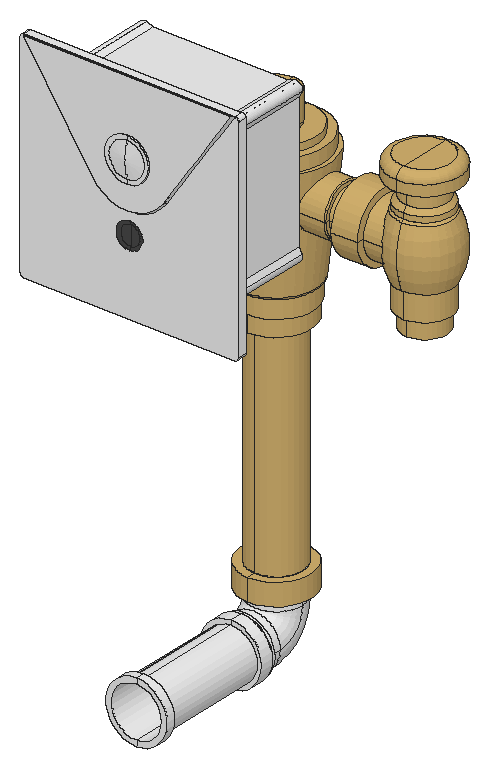
Revit family "xFlush_Valve-Toilet-American_Standard-Concealed-Back_Spud_Series", category Plumbing Fixtures, Revit 2014
Parameters (values of type "606B.212")
  Waste Connection = no
  Warranty Information = "1 Year Limited Warranty"
  WFU = 0
  Vent Connection = no
  Valve Distance From Finished Wall = 5"
  URL = "http://www.americanstandard-us.com/"
  Type Comments = "Power Kits Must Be Purchased Separately."
  Tube Length = 11 3/8"
  Product URL = "https://www.americanstandard-us.com/bathroom/commercial-flushometers/selectronic-concealed-toilet-flush-valve-for-wall-hung-back-spud-bowls-28613"
  Product Documentation Link = "https://www.americanstandard-us.com/-/media/sites/asus/files/product-specs/commercial-flush-valves/spec-sheet-606b22-selectronic-concealed-toilet-fv-small-box-back-spud.pdf?la=en"
  Price = "Prices may vary. Please consult Manufacturer Representative for most up-to-date price list."  # constant formula
  PK00.WRK - PWRX 10-Year Battery - Power Kit = no
  PK00.PAC - Plug-In AC- Power Kit = no
  PK00.MAC - Multi-AC - Power Kit = no
  PK00.HAC - Hard Wired AC - Power Kit = no
  PK00.CRP-P2 Lithium Battery - Power Kit = no
  PK00.BBU - Battery Back-Up = yes
  Model = "606B.212"
  Material = "Metal-American Standard-002-Polished Chrome"
  Manufacturer = "American Standard"  # constant formula
  Installation Type = "Concealed, Back Spud"  # constant formula
  HWFU = 0
  HW Connection = no
  Flush Rate = "1.1 gpf/4.2 Lpf"
  Description = "Selectronic Sensor Operated Concealed Toilet Flush Valve"  # constant formula
  Default Elevation = 0"
  Creation Date = "09/21/2016"  # constant formula
  Cold Water Connection Width = 4 1/4"
  Cold Water Connection Radius = 1/2"
  Cold Water Connection Diameter = Cold Water Connection Radius * 2  # 1"
  CWFU = 10
  CW Connection = yes
  Assembly Code = "D2020300"
  ADA Compliant = yes
Types (4): name | Model | Flush Rate
  (no name) | "606B.212" | "1.1 gpf/4.2 Lpf"
  606B.262 | "606B.262" | "1.6 gpf/6.0 Lpf"
  606B.222 | "606B.222" | "1.28 gpf/4.8 Lpf"
  606B.212 | "606B.212" | "1.1 gpf/4.2 Lpf"
Reference planes (in)
  plane 1 "Center (Front/Back)": y = -3.78125
  plane 2: z = 0
  plane 3 "Center (Left/Right)": x = 0
  plane 4: z = 11.375
  plane 5: y = 1.21875
  plane 6: x = 4.25
  plane 7: z = 1.07052
  plane 8: y = -0.28125
  plane 9: y = -0.78125
  plane 10: y = -4.28125
  plane 11: z = 13.82052
  plane 12: z = 13.07052
  plane 13: z = 12.94552
  plane 14: z = 12.75802
  plane 15: z = 12.38325
  plane 16: z = 9.00825
  plane 17: z = 8.977
  plane 18: z = 8.477
  plane 19: z = 8.44523
  plane 20: z = 7.977
  plane 21: z = 1.69552
  plane 22: y = 0.10062
  plane 23: y = -0.02438
  plane 24: y = 0.01113
  plane 25: x = 0.75
  plane 26: x = -0.75
  plane 27: y = -0.39938
  plane 28: y = 0.59375
  plane 29: y = 0.62575
  plane 30: y = 0.09315
  plane 31: y = -0.15685
  plane 32: y = 0.21875
  plane 33: y = 0.15625
  plane 34: y = 0.21431
  plane 35: y = 0.46875
  plane 36: y = 0.21875
  plane 37: z = 1.69552
  plane 38: z = 1.9375
  plane 39: z = 2.4375
  plane 40: z = 10.1875
  plane 41: x = -3.125
  plane 42: x = 3.125
  plane 43: z = 0.71875
Forms (in)
  Revolve 1, solid, material "Brass-American Standard-Satin"
    sketch origin (0, 1.21875, -28.14848) x (0, 0, -1) y (0, -1, 0)
      loop
        line (-29.21901, 0) -> (-29.21901, 1) -> (-29.84401, 1) -> (-29.84401, 0.75) -> (-36.12548, 0.75) -> (-36.12548, 1) -> (-36.59371, 1) -> (-36.62548, 1.0625) -> (-37.12548, 1.0625) -> (-37.12548, 1.00444) -> (-37.15673, 1.00444) -> (-37.15673, 1.07613)
        arc (-37.15673, 1.07613) -> (-37.17073, 1.11554) -> (-37.20645, 1.1373) r 0.0625
        arc (-37.20645, 1.1373) -> (-38.86025, 1.39965) -> (-40.53173, 1.5) r 17.20619
        line (-40.53173, 1.5) -> (-40.53173, 1.3756) -> (-40.90651, 1.3756) -> (-40.90651, 1.1256) -> (-41.09401, 1.1256) -> (-41.09401, 0.593) -> (-41.21901, 0.593) -> (-41.21901, 0.625) -> (-41.96901, 0.625) -> (-41.96901, 0) -> (-29.21901, 0)
      axis (-41.96901, 0) -> (-29.21901, 0)
    angle from 0 to 360
  Revolve 2, solid, material "Metal-American Standard-002-Polished Chrome"
    sketch origin (0, 0, 0) x (0, 1, 0) y (0, 0, 1)
      loop
        line (0.10062, 0.8408) -> (0.01113, 0.8408) -> (-0.02438, 0.87632) -> (-0.39938, 0.87632) -> (-0.39938, 0.75) -> (-3.53125, 0.75) -> (-3.53125, 0.87632) -> (-3.78125, 0.87632) -> (-3.78125, 0.71875) -> (-0.39938, 0.71875) -> (-0.39938, 0) -> (0.10062, 0) -> (0.10062, 0.8408)
      axis (0.10062, 0) -> (-3.78125, 0)
    angle from 0 to 360
  Sweep 3, solid, material "Metal-American Standard-002-Polished Chrome"
    path origin (0, 0, 0) x (0, 1, 0) y (0, 0, 1)
      loop
        line (1.21875, 1.69552) -> (1.21875, 0.8)
        arc (1.21875, 0.8) -> (0.98444, 0.23431) -> (0.41875, 0) r 0.8
        line (0.41875, 0) -> (0.10062, 0)
    profile origin (0, 1.21875, 1.24776) x (1, 0, 0) y (0, 1, 0)
      loop
        circle (0, 0) r 0.75
  Revolve 4, solid, material "Brass-American Standard-Satin"
    sketch origin (4.25, -180, 102.71882) x (0, 0, 1) y (0, -1, 0)
      loop
        line (-89.08642, -181.21875) -> (-89.08642, -180.46875)
        arc (-89.08642, -180.46875) -> (-89.15964, -180.29197) -> (-89.33642, -180.21875) r 0.25
        line (-89.33642, -180.21875) -> (-89.63846, -180.21875) -> (-89.63846, -180.28125) -> (-89.40488, -180.28125) -> (-89.40488, -180.71875) -> (-89.55363, -180.71875) -> (-89.55363, -181.03125) -> (-89.67757, -181.03125) -> (-89.67757, -181.125) -> (-89.76951, -181.125) -> (-89.76951, -180.59375) -> (-90.14451, -180.59375) -> (-90.29708, -180.46875) -> (-90.45384, -180.46875) -> (-90.51951, -180.41697)
        arc (-90.51951, -180.41697) -> (-91.39451, -180.21833) -> (-92.26951, -180.41697) r 2.02641
        line (-92.26951, -180.41697) -> (-92.26951, -180.46875) -> (-93.01951, -180.46875) -> (-93.01951, -180.59375) -> (-93.51951, -180.59375) -> (-93.51951, -180.71875) -> (-92.26951, -180.71875) -> (-92.26951, -181.21875) -> (-89.08642, -181.21875)
      axis (-89.08642, -181.21875) -> (-93.51951, -181.21875)
    angle from 0 to 360
  Revolve 5, solid, material "Brass-American Standard-Satin"
    sketch origin (-8.47849, 1.2, 11.375) x (-1, 0, 0) y (0, -1, 0)
      loop
        line (-8.47849, -0.01875) -> (-12.72849, -0.01875) -> (-12.72849, -0.83125) -> (-11.60349, -0.83125) -> (-11.60349, -1.01875) -> (-10.85349, -1.01875) -> (-10.85349, -0.64375) -> (-10.48636, -0.64375) -> (-10.48636, -0.73859)
        arc (-10.48636, -0.73859) -> (-10.47753, -0.75992) -> (-10.4562, -0.76875) r 0.03016
        line (-10.4562, -0.76875) -> (-8.47849, -0.76875) -> (-8.47849, -0.01875)
      axis (-12.72849, -0.01875) -> (-8.47849, -0.01875)
    angle from 0 to 360
  Extrusion 6, solid, material "Metal-American Standard-002-Polished Chrome"
    sketch origin (-0.00148, -3.23242, -51.24145) x (-1, 0, 0) y (0, 0, -1)
      loop
        line (1.92848, -66.81539) -> (2.09512, -66.88272)
        arc (2.09512, -66.88272) -> (2.2819, -66.84472) -> (2.3199, -66.65794) r 0.17267
        line (2.3199, -66.65794) -> (2.24852, -66.48128) -> (2.24852, -62.64949) -> (2.3199, -62.47283)
        arc (2.3199, -62.47283) -> (2.2819, -62.28606) -> (2.09512, -62.24806) r 0.17267
        line (2.09512, -62.24806) -> (1.92848, -62.31539) -> (-1.93143, -62.31539) -> (-2.09808, -62.24806)
        arc (-2.09808, -62.24806) -> (-2.28485, -62.28606) -> (-2.32285, -62.47283) r 0.17267
        line (-2.32285, -62.47283) -> (-2.25148, -62.64949) -> (-2.25148, -66.48128) -> (-2.32285, -66.65794)
        arc (-2.32285, -66.65794) -> (-2.28485, -66.84472) -> (-2.09808, -66.88272) r 0.17267
        line (-2.09808, -66.88272) -> (-1.93143, -66.81539) -> (1.92848, -66.81539)
      loop
        circle (-2.17423, -66.73906) r 0.0625
      loop
        circle (2.17128, -66.73906) r 0.0625
      loop
        circle (-2.17423, -62.39172) r 0.0625
      loop
        circle (2.17128, -62.39172) r 0.0625
    from -2.45117 to 0.54883
  Revolve 7, void
    sketch origin (0, -1.92024, -48.92606) x (0, 1, 0) y (0, 0, 1)
      loop
        line (-2.11101, 60.875) -> (-2.07901, 60.96794) -> (-2.07901, 61.25) -> (-2.11101, 61.25) -> (-2.11101, 60.875)
      axis (-2.11101, 61.25) -> (-2.07164, 61.25)
    angle from 0 to 360
  Extrusion 8, solid, material "Metal-American Standard-002-Polished Chrome"
    sketch origin (0, -3.78125, -48.92606) x (1, 0, 0) y (0, 0, 1)
      loop
        line (-3.01563, 59.11356) -> (3.01563, 59.11356)
        arc (3.01563, 59.11356) -> (3.09296, 59.14559) -> (3.125, 59.22293) r 0.10937
        line (3.125, 59.22293) -> (3.125, 65.255)
        arc (3.125, 65.255) -> (3.0932, 65.33176) -> (3.01644, 65.36356) r 0.10856
        line (3.01644, 65.36356) -> (-3.01563, 65.36356)
        arc (-3.01563, 65.36356) -> (-3.09296, 65.33152) -> (-3.125, 65.25418) r 0.10938
        line (-3.125, 65.25418) -> (-3.125, 59.22293)
        arc (-3.125, 59.22293) -> (-3.09296, 59.14559) -> (-3.01563, 59.11356) r 0.10938
    from 0 to 0.25
  Blend 9, solid, material "Metal-American Standard-002-Polished Chrome"
    base sketch origin (0.00084, -3.70149, -51.27605) x (-1, 0, 0) y (0, 0, -1)
      loop
        line (3.01415, -67.71355) -> (1.05993, -64.80112)
        arc (1.05993, -64.80112) -> (-0.00148, -64.23511) -> (-1.06288, -64.80112) r 1.2782
        line (-1.06288, -64.80112) -> (-3.0171, -67.71355) -> (3.01415, -67.71355)
    top sketch origin (0.00084, -3.70149, -51.27605) x (-1, 0, 0) y (0, 0, -1)
      loop
        arc (1.03259, -64.82702) -> (-0.00013, -64.27638) -> (-1.03274, -64.82724) r 1.2435
        line (-1.03274, -64.82724) -> (-2.96855, -67.71355) -> (2.96943, -67.71355) -> (1.03259, -64.82702)
    from 0.32976 to 0.40191
  Revolve 10, solid, material "Metal-American Standard-002-Polished Chrome"
    sketch origin (0, -55.18977, -21.784) x (0, 1, 0) y (0, 0, 1)
      loop
        line (51.08637, 36.10795) -> (51.08637, 36.73295) -> (51.05437, 36.73295) -> (51.05437, 36.60795)
        arc (51.05437, 36.60795) -> (51.01513, 36.35931) -> (51.002, 36.10795) r 2.41307
        line (51.002, 36.10795) -> (51.08637, 36.10795)
      axis (51.002, 36.10795) -> (51.08637, 36.10795)
    angle from 0 to 360
Cuts and joins
  joined: Revolve 2, Sweep 3
  Revolve 7 cuts Extrusion 8
Lines and regions (in)
  Masking region 1
    outline origin (-8.47849, 1.2, 11.375) x (-1, 0, 0) y (0, -1, 0)
      loop
        line (-7.60217, 1.19865) -> (-7.60217, 1.59938) -> (-9.35481, 1.59938) -> (-9.35481, 1.19865)
        arc (-9.35481, 1.19865) -> (-9.59091, 0.98749) -> (-9.77741, 0.73145) r 1.5
        line (-9.77741, 0.73145) -> (-10.48636, 0.73145) -> (-10.48636, 0.60629) -> (-10.85349, 0.60629) -> (-10.85349, 0.98125) -> (-11.60349, 0.98125) -> (-11.60349, 0.7944) -> (-12.14643, 0.7944)
        arc (-12.14643, 0.7944) -> (-13.72849, -0.01875) -> (-12.14643, -0.8319) r 1
        line (-12.14643, -0.8319) -> (-11.60349, -0.8319) -> (-11.60349, -1.01875) -> (-10.85349, -1.01875) -> (-10.85349, -0.64379) -> (-10.48636, -0.64379) -> (-10.48636, -0.76895) -> (-9.77741, -0.76895)
        arc (-9.77741, -0.76895) -> (-7.47225, -1.13118) -> (-7.60217, 1.19865) r 1.5
  Masking region 2
    outline origin (-8.47849, 1.2, 11.375) x (-1, 0, 0) y (0, -1, 0)
      loop
        line (-10.81244, 1.98125) -> (-9.22849, 1.98125) -> (-9.22849, 1.59938) -> (-7.72849, 1.59938) -> (-7.72849, 1.98125) -> (-6.14454, 1.98125) -> (-6.14454, 4.98125) -> (-5.35349, 4.98125) -> (-5.35349, 5.23125) -> (-5.46825, 5.23125) -> (-5.50991, 5.3034) -> (-7.67564, 5.3034) -> (-7.67564, 5.3354) -> (-8.00094, 5.3354)
        arc (-8.00094, 5.3354) -> (-8.50094, 5.38937) -> (-9.00094, 5.3354) r 2.34324
        line (-9.00094, 5.3354) -> (-9.28134, 5.3354) -> (-9.28134, 5.3034) -> (-11.44789, 5.3034) -> (-11.49841, 5.23125) -> (-11.60349, 5.23125) -> (-11.60349, 4.98125) -> (-10.81244, 4.98125) -> (-10.81244, 1.98125)
  symbolic lines, detail levels medium+fine
    curve 1: circle (0, 1.21875, 11.375) r 0.625 normal (0, 0, 1)
    curve 2: arc (1.29892, 1.96895, 11.375) -> (1.5, 1.21875, 11.375) -> (1.29892, 0.46855, 11.375) r 1.5
    curve 3: arc (0.87632, 0.00135, 11.375) -> (0, -0.28125, 11.375) -> (-0.87632, 0.00135, 11.375) r 1.5
    curve 6: line (0.75, -0.39938, 11.375) -> (0.75, -3.78125, 11.375)
    curve 7: line (-0.75, -3.78125, 11.375) -> (-0.75, -0.39938, 11.375)
    curve 8: line (2.32137, -3.78125, 11.375) -> (-2.33395, -3.78125, 11.375)
    curve 9: line (2.33395, -0.78125, 11.375) -> (-2.33395, -0.78125, 11.375)
    curve 10: line (-0.80285, -4.1034, 11.375) -> (0.80285, -4.1034, 11.375)
    curve 17: line (2.00788, 1.84379, 11.375) -> (2.00788, 0.59371, 11.375)
    curve 18: line (2.375, 1.84379, 11.375) -> (2.375, 0.59371, 11.375)
    curve 19: line (3.125, 2.0319, 11.375) -> (3.125, 0.40625, 11.375)
    curve 20: arc (3.66794, 0.4056, 11.375) -> (3.25, 1.21875, 11.375) -> (3.66794, 2.0319, 11.375) r 1
  symbolic lines, detail levels fine
    curve 4: circle (0, 1.21875, 11.375) r 1.1256 normal (0, 0, 1)
    curve 5: circle (0, 1.21875, 11.375) r 1.3756 normal (0, 0, 1)
    curve 11: line (-1.92995, -0.78125, 11.375) -> (-1.92995, -3.78125, 11.375)
    curve 12: line (1.92995, -3.78125, 11.375) -> (1.92995, -0.78125, 11.375)
    curve 13: line (-3.125, -4.03125, 11.375) -> (3.125, -4.03125, 11.375)
    curve 14: line (-0.80285, -4.1354, 11.375) -> (0.80285, -4.1354, 11.375)
    curve 15: line (-0.80285, -4.1354, 11.375) -> (-0.80285, -4.1034, 11.375)
    curve 16: line (0.80285, -4.1354, 11.375) -> (0.80285, -4.1034, 11.375)
Dimensions and locks (in)
  "Cold Water Connection Width": plane 6 to plane 3 "Center (Left/Right)"
  plane 11 to plane 12 to plane 13 to plane 14 to plane 15 to plane 4 to plane 16 to plane 17 to plane 18 to plane 19 to plane 20 = 3/4" locked, 1/8" locked, 3/16" locked, 0.37478" locked, 1.00825" locked, 2.36675" locked, 1/32" locked, 1/2" locked, 0.03177" locked, 0.46823" locked
  "Tube Length": plane 4 to plane 2
  locked: plane 1 "Center (Front/Back)" to plane 10 at 0.5
  locked: plane 5 to plane 22 at 1.11813
  plane 22 to plane 24 to plane 23 = 0.08948" locked, 0.03552" locked
  locked: plane 23 to plane 27 at 0.375
  "Valve Distance From Finished Wall": plane 5 to plane 1 "Center (Front/Back)"
  plane 5 to plane 29 to plane 28 to plane 30 to plane 31 to plane 8 = 0.593" locked, 0.032" locked, 0.5006" locked, 1/4" locked, 0.1244" locked
  plane 5 to plane 35 to plane 32 to plane 36 to plane 34 to plane 33 = 3/4" locked, 1/4" locked, 0" locked, 0.00444" locked, 0.05806" locked
  locked: Masking region 1 sketch curve to Masking region 1 sketch curve at 0.75
  locked: plane 3 "Center (Left/Right)" to Revolve 5 sketch curve at 2.00788
  Revolve 5 sketch curve to Revolve 5 sketch curve to plane 6 = 3/4" locked, 1 1/8" locked
  aligned and locked: Revolve 2 sketch curve to level
  aligned and locked: plane 5 to Sweep 3 sketch curve
  aligned and locked: plane 2 to Sweep 3 sketch curve
  aligned and locked: Revolve 2 sketch curve to plane 22
  aligned and locked: plane 24 to Revolve 2 sketch curve
  aligned and locked: plane 23 to Revolve 2 sketch curve
  aligned and locked: Revolve 1 sketch curve to plane 28
  aligned and locked: Revolve 1 sketch curve to plane 29
  aligned and locked: Revolve 1 sketch curve to plane 30
  aligned and locked: Revolve 1 sketch curve to plane 31
  aligned and locked: plane 8 to Revolve 1 sketch curve
  aligned and locked: plane 33 to Revolve 1 sketch curve
  aligned and locked: Revolve 1 sketch curve to plane 34
  aligned and locked: plane 32 to Revolve 1 sketch curve
  aligned and locked: Revolve 1 sketch curve to plane 35
  aligned and locked: plane 36 to Revolve 1 sketch curve
  aligned and locked: Revolve 1 sketch curve to plane 5
  aligned and locked: Revolve 1 sketch curve to Revolve 1 sketch curve
  aligned and locked: plane 37 to Sweep 3 sketch curve
  aligned and locked: Masking region 1 sketch curve to Masking region 1 sketch curve  (x2)
  aligned and locked: curve 1 to Revolve 1
  aligned and locked: curve 2 to Revolve 1
  aligned and locked: curve 3 to Revolve 1
  aligned and locked: curve 4 to Revolve 1
  aligned and locked: curve 5 to Revolve 1
  aligned and locked: curve 6 to plane 25
  aligned and locked: curve 7 to plane 26
  aligned and locked: Masking region 1 to cut or joined group of Revolve 2, Sweep 3
  aligned and locked: cut or joined group of Revolve 7, Extrusion 8 to plane 1 "Center (Front/Back)"
  aligned and locked: Masking region 2 sketch curve to Extrusion 6
  aligned and locked: cut or joined group of Revolve 7, Extrusion 8 to Masking region 2 sketch curve
  aligned and locked: cut or joined group of Revolve 2, Sweep 3 to Masking region 2 sketch curve
  aligned and locked: Masking region 2 sketch curve to cut or joined group of Revolve 7, Extrusion 8
  aligned and locked: cut or joined group of Revolve 7, Extrusion 8 to curve 8
  aligned and locked: curve 9 to Extrusion 6
  aligned and locked: curve 11 to Extrusion 6
  aligned and locked: curve 12 to Extrusion 6
  aligned and locked: curve 13 to cut or joined group of Revolve 7, Extrusion 8
  aligned and locked: plane 42 to Extrusion 8 sketch curve
  aligned and locked: plane 1 "Center (Front/Back)" to cut or joined group of Revolve 2, Sweep 3
  aligned and locked: plane 3 "Center (Left/Right)" to Revolve 5 sketch curve
  aligned and locked: plane 6 to Revolve 5 sketch curve
  aligned and locked: Masking region 1 to Revolve 5  (x3)
  aligned and locked: Revolve 5 to curve 18
  aligned and locked: Revolve 5 to curve 19
  aligned and locked: curve 20 to Revolve 4
Automatic sketch dimensions
  Revolve 1 sketch curve to plane 11 = 0"
  Revolve 1 sketch curve to plane 12 = 0"
  Revolve 1 sketch curve to plane 13 = 0"
  Revolve 1 sketch curve to plane 14 = 0"
  Revolve 1 sketch curve to plane 15 = 0"
  Revolve 1 sketch curve to plane 16 = 0"
  Revolve 1 sketch curve to plane 17 = 0"
  Revolve 1 sketch curve to plane 18 = 0"
  Revolve 1 sketch curve to plane 19 = 0"
  Revolve 1 sketch curve to plane 20 = 0"
  Revolve 1 sketch curve to plane 21 = 0"
  Revolve 1 sketch curve to plane 7 = 0"
  Revolve 1 sketch curve to plane 14 = 0.1806"
  Revolve 1 sketch curve to plane 33 = 0.01363"
  Revolve 1 sketch curve to Revolve 1 sketch curve = 1/16"
  plane 5 to Revolve 1 sketch curve = 15.7051"
  level to Revolve 1 sketch curve = 0.43421"
  level to Revolve 1 sketch curve = 0.18421"
  Sweep 3 sketch curve to plane 5 = 0.8"
  Sweep 3 sketch curve to plane 3 "Center (Left/Right)" = 0"
  profile plane to Sweep 3 sketch curve = 0"
  Revolve 4 sketch curve to plane 5 = 0"  (x2)
  Revolve 4 sketch curve to plane 5 = 1/2"
  Revolve 4 sketch curve to plane 4 = 2.17568"
  Revolve 4 sketch curve to Revolve 4 sketch curve = 1/2"
  Revolve 4 sketch curve to Revolve 4 sketch curve = 3/4"
  Revolve 4 sketch curve to Revolve 4 sketch curve = 0"
  Revolve 4 sketch curve to plane 4 = 0.05068"
  plane 4 to Revolve 4 sketch curve = 0.82432"
  Revolve 4 sketch curve to Revolve 4 sketch curve = 0.06567"
  Revolve 4 sketch curve to Revolve 4 sketch curve = 0.15676"
  Revolve 4 sketch curve to Revolve 4 sketch curve = 0.15257"
  Revolve 4 sketch curve to plane 5 = 3/32"
  Revolve 4 sketch curve to Revolve 4 sketch curve = 3/8"
  Revolve 4 sketch curve to Revolve 4 sketch curve = 0.09194"
  Revolve 4 sketch curve to Revolve 4 sketch curve = 0.13105"
  Revolve 4 sketch curve to Revolve 4 sketch curve = 0.21587"
  Revolve 4 sketch curve to Revolve 4 sketch curve = 0.14875"
  Revolve 4 sketch curve to Revolve 4 sketch curve = 0.06847"
  Revolve 4 sketch curve to Revolve 4 sketch curve = 1/4"  (x2)
  plane 5 to Revolve 4 sketch curve = 1.02599"
  Revolve 4 sketch curve to Revolve 4 sketch curve = 3/32"
  Revolve 4 sketch curve to Revolve 4 sketch curve = 5/16"
  Revolve 4 sketch curve to Revolve 4 sketch curve = 1/8"  (x4)
  Revolve 4 sketch curve to Revolve 4 sketch curve = 0.05178"
  Revolve 4 sketch curve to Revolve 4 sketch curve = 1/16"
  Revolve 4 sketch curve to Revolve 4 sketch curve = 0.26877"
  Masking region 1 sketch curve to Masking region 1 sketch curve = 0"  (x2)
  Masking region 1 sketch curve to plane 3 "Center (Left/Right)" = 0"
  Masking region 1 sketch curve to plane 5 = 0"
  Masking region 1 sketch curve to plane 6 = 0.58206"  (x2)
  Masking region 1 sketch curve to Masking region 1 sketch curve = 0.36712"  (x2)
  plane 25 to Masking region 1 sketch curve = 0.54892"  (x2)
  plane 25 to Masking region 1 sketch curve = 0.12632"
  plane 26 to Masking region 1 sketch curve = 0.12632"
  plane 5 to Masking region 1 sketch curve = 0.62504"
  Masking region 1 sketch curve to Masking region 1 sketch curve = 0.12516"  (x2)
  plane 5 to Masking region 1 sketch curve = 0.81315"
  Masking region 1 sketch curve to Masking region 1 sketch curve = 0.18685"  (x2)
  Masking region 1 sketch curve to plane 5 = 0.62504"
  Masking region 1 sketch curve to Masking region 1 sketch curve = 0.37496"
  Masking region 1 sketch curve to plane 9 = 0.38187"
  Revolve 4 sketch curve to Revolve 4 sketch curve = 1.82129"
  Sweep 3 sketch curve to Sweep 3 sketch curve = 0.31813"
  plane 25 to Extrusion 6 sketch curve = 1.57137"  (x2)
  Extrusion 6 sketch curve to Extrusion 6 sketch curve = 0.07137"
  Extrusion 6 sketch curve to Extrusion 6 sketch curve = 0.14862"  (x4)
  Extrusion 6 sketch curve to Extrusion 6 sketch curve = 0.01148"  (x4)
  Extrusion 6 sketch curve to Extrusion 6 sketch curve = 0.07616"  (x2)
  plane 40 to Extrusion 6 sketch curve = 0.81911"
  plane 26 to Extrusion 6 sketch curve = 1.17995"  (x2)
  Extrusion 6 sketch curve to Extrusion 6 sketch curve = 0.16665"  (x4)
  Extrusion 6 sketch curve to Extrusion 6 sketch curve = 0.06468"  (x5)
  Extrusion 6 sketch curve to Extrusion 6 sketch curve = 0.08872"
  plane 40 to Extrusion 6 sketch curve = 1.04389"
  Extrusion 6 sketch curve to Extrusion 6 sketch curve = 0.40143"
  Extrusion 6 sketch curve to Extrusion 6 sketch curve = 0.17666"  (x4)
  Extrusion 6 sketch curve to Extrusion 6 sketch curve = 3.83179"  (x2)
  Extrusion 6 sketch curve to Extrusion 6 sketch curve = 0.01643"  (x4)
  Extrusion 6 sketch curve to Extrusion 6 sketch curve = 0.06733"  (x2)
  plane 1 "Center (Front/Back)" to Revolve 7 sketch curve = 1/4"
  Revolve 7 sketch curve to Revolve 7 sketch curve = 0.032"
  plane 40 to Revolve 7 sketch curve = 1.76144"
  Revolve 7 sketch curve to Revolve 7 sketch curve = 0.09294"
  Revolve 7 sketch curve to Revolve 7 sketch curve = 0.28206"
  Revolve 7 sketch curve to Revolve 7 sketch curve = 0"  (x2)
  Revolve 7 sketch curve to Revolve 7 sketch curve = 0.052"
  Extrusion 8 sketch curve to plane 40 = 0"
  plane 26 to Extrusion 8 sketch curve = 2 3/8"
  Extrusion 8 sketch curve to Extrusion 8 sketch curve = 7/64"
  plane 40 to Extrusion 8 sketch curve = 7/64"  (x2)
  Extrusion 8 sketch curve to Extrusion 8 sketch curve = 0.10856"
  Extrusion 8 sketch curve to Extrusion 8 sketch curve = 6 1/32"
  Blend 9 sketch curve to plane 42 = 0.10705"
  plane 25 to Blend 9 sketch curve = 0.31373"
  plane 3 "Center (Left/Right)" to Blend 9 sketch curve = 0.00232"
  plane 26 to Blend 9 sketch curve = 0.30908"
  Blend 9 sketch curve to plane 41 = 0.1117"
  plane 40 to Blend 9 sketch curve = 6 1/4"  (x2)
  Blend 9 sketch curve to Blend 9 sketch curve = 2.20024"
  Blend 9 sketch curve to Blend 9 sketch curve = 0.71219"
  Blend 9 sketch curve to plane 42 = 0.1556"
  plane 25 to Blend 9 sketch curve = 0.28358"
  plane 3 "Center (Left/Right)" to Blend 9 sketch curve = 0.00085"
  plane 26 to Blend 9 sketch curve = 0.28174"
  Blend 9 sketch curve to plane 41 = 0.15642"
  Blend 9 sketch curve to Blend 9 sketch curve = 2.19366"
  Blend 9 sketch curve to Blend 9 sketch curve = 0.69264"
  Revolve 10 sketch curve to plane 10 = 0.09348"
  Revolve 10 sketch curve to plane 10 = 0.14585"
  Revolve 10 sketch curve to Revolve 10 sketch curve = 0.08437"
  plane 9 to Revolve 10 sketch curve = 0.99345"
  plane 40 to Revolve 10 sketch curve = 4.13644"
  Revolve 10 sketch curve to Revolve 10 sketch curve = 1/8"
  Revolve 10 sketch curve to Revolve 10 sketch curve = 0"  (x2)
  Revolve 10 sketch curve to Revolve 10 sketch curve = 0.05477"
  Masking region 2 sketch curve to plane 42 = 0"
  Masking region 2 sketch curve to plane 25 = 0"
  plane 9 to Masking region 2 sketch curve = 0"
  Masking region 2 sketch curve to plane 26 = 0"
  plane 1 "Center (Front/Back)" to Masking region 2 sketch curve = 0"
  Masking region 2 sketch curve to plane 41 = 0"
  Masking region 2 sketch curve to Masking region 2 sketch curve = 0.10508"
  Masking region 2 sketch curve to Masking region 2 sketch curve = 0.05052"
  Masking region 2 sketch curve to plane 42 = 0.79105"
  plane 25 to Masking region 2 sketch curve = 0.05285"
  plane 3 "Center (Left/Right)" to Masking region 2 sketch curve = 0.02245"
  plane 26 to Masking region 2 sketch curve = 0.05285"
  Masking region 2 sketch curve to plane 41 = 0.79105"
  Masking region 2 sketch curve to plane 41 = 0.15642"
  Masking region 2 sketch curve to Masking region 2 sketch curve = 0.04166"
  plane 9 to Masking region 2 sketch curve = 1.06488"
  plane 1 "Center (Front/Back)" to Masking region 2 sketch curve = 1/4"
  Masking region 2 sketch curve to Masking region 2 sketch curve = 0.07215"  (x2)
  Masking region 2 sketch curve to Masking region 2 sketch curve = 0.032"  (x2)
  Masking region 2 sketch curve to plane 25 = 0.22755"
  Revolve 2 sketch curve to plane 1 "Center (Front/Back)" = 0"
  Revolve 2 sketch curve to level = 0"
  Revolve 2 sketch curve to plane 27 = 0"  (x2)
  plane 43 to Revolve 2 sketch curve = 0"
  plane 43 to Revolve 2 sketch curve = 1/32"
  Revolve 2 sketch curve to plane 1 "Center (Front/Back)" = 1/4"
  plane 43 to Revolve 2 sketch curve = 0.12205"
  Revolve 2 sketch curve to Revolve 2 sketch curve = 0.15757"
  Revolve 2 sketch curve to Revolve 2 sketch curve = 0.12632"
  Revolve 2 sketch curve to plane 1 "Center (Front/Back)" = 0.02812"
  Revolve 2 sketch curve to Revolve 2 sketch curve = 1"
  Revolve 5 sketch curve to plane 5 = 0"  (x2)
  Revolve 5 sketch curve to Revolve 5 sketch curve = 0.03016"
  plane 5 to Revolve 5 sketch curve = 5/8"
  Revolve 5 sketch curve to Revolve 5 sketch curve = 0.09484"
  Revolve 5 sketch curve to Revolve 5 sketch curve = 3/16"  (x2)
  Revolve 5 sketch curve to plane 26 = 1/4"
  Revolve 5 sketch curve to plane 41 = 5/8"
  plane 42 to Masking region 1 sketch curve = 0"
  Masking region 1 sketch curve to plane 6 = 0"
  curve 13 to plane 42 = 0"
  curve 13 to plane 41 = 0"
  plane 25 to curve 16 = 0.05285"
  plane 26 to curve 14 = 0.05285"
  curve 10 to plane 10 = 0.17785"
  curve 10 to curve 15 = 0.032"
  curve 20 to curve 19 = 0.54294"  (x2)
  curve 9 to curve 12 = 0.40399"
  curve 8 to curve 12 = 0.39142"
  curve 17 to plane 42 = 1.11712"
  plane 25 to curve 2 = 0.54892"  (x2)
  plane 25 to curve 3 = 0.12632"
  plane 26 to curve 3 = 0.12632"
  curve 11 to curve 9 = 0.40399"
  curve 11 to curve 8 = 0.40399"
  plane 5 to curve 17 = 0.62504"
  plane 5 to curve 18 = 0.62504"
  curve 19 to curve 20 = 0"
  curve 18 to plane 5 = 0.62504"
  curve 17 to plane 5 = 0.62504"
  curve 19 to curve 20 = 0.00065"
  curve 3 to curve 7 = 0.40073"
  curve 3 to curve 6 = 0.40073"
  radius of Sweep 3 sketch curve = 3/4"
  radius of Extrusion 6 sketch curve = 1/16"  (x4)
Connectors (in)
  piping at (4.25, 1.21875, 9.19932), diameter 1, driven by "Cold Water Connection Radius", driven by "CWFU"
    settings: on Revolve 4, index 1, connector inside diameter 24", connector length 0", flow factor 0, pipe flow 0 GPM, pressure drop 0.00 psi, fitting loss kfactor 0, connector angle 0.00°, fixture units 10, engagement length 0", angle of deflection 0.00°, flow configuration 3, flow direction 1, fitting loss method 0, system type 20, joint type 0, gender type 0, connector reference index -1, connector utility 0, adjustable connector no, is connector primary yes, connector description "1\" CW NPT Supply Inlet"
